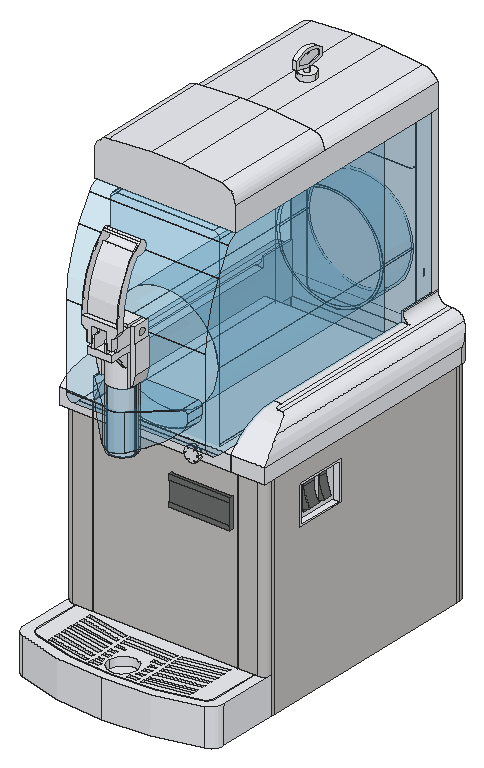
Revit family "QF_ELECTROLUXPROFESSIONAL_560104_SP1NewUVUK", category Specialty Equipment, Revit 2018
Family settings
  Round Connector Dimension = Use Diameter
  Part Type = Normal
  Work Plane-Based = No
  Always vertical = Yes
  Cut with Voids When Loaded = No
  Shared = No
  Room Calculation Point = No
Parameters (values of type "Standard")
  Weight = 28.00 kg
  Watts = 0 W
  Volts = 220 V
  URL Manufacturer = "http://professional.electrolux.com"
  URL = "http://professional.electrolux.com"
  Steam Supply Size = 0 mm
  Steam Supply Minimum Pressure = 0.0 Pa
  Steam Supply Maximum Pressure = 0.0 Pa
  Steam Pounds per Hour = 0
  Refrigeration Suction Line Size = 0 mm
  Refrigeration Liquid Line Size = 0 mm
  Refrigerant Compressor Remote = yes
  Manufacturer = "Electrolux Professional"
  Phase = 1
  Model = "SP1NewUVUK"
  Length Actual = 262 mm  # constant formula
  Item Number = "560104"
  Hot Water Size = 0 mm
  Height Actual = 613 mm  # constant formula
  HP = "0.4 HP"
  Gas Size = 0 mm
  Gas KW = 0
  Gas Input Pressure = 0 W
  Direct Waste Size = 0 mm
  Description = "1x5 LITERS BOWL - FROZEN GRANITA AND FROZEN CREAM DISPENSER -  1 INSULATED BOWL - UV LIGHT - UK"
  Depth Actual = 429 mm  # constant formula
  Cycle = 50 Hz
  Condensate Return Size = 0 mm
  Compressed Air Volume = 0.0 L/s
  Compressed Air Size = 0 mm
  Compressed Air Pressure = 0.0 Pa
  Cold Water Size = 0 mm
  Accessory = yes
Reference planes
  plane 1 "Center (Front/Back)": y = 0
  plane 2 "BASE": z = 0
  plane 3 "Center (Left/Right)": x = 0
  plane 4 "FEET": z = 14
  plane 5 "BACK": y = 212
  plane 6 "LEFT": x = -131
  plane 7 "RIGHT": x = 131
  plane 8: y = 169
  plane 9: y = -118.5
  plane 10 "Erogatore": through (0, -232.305, 334.252) normal (0, -0.5736, 0.8192)
  plane 11: y = -81
  plane 12 "BackButton": z = 362.798
  plane 13 "SlopeBack": through (0, 294.5, 470.764) normal (0, 0.9659, 0.2588)
  plane 14 "TOP": z = 640
  plane 15 "FRONT": y = -216
Forms (mm)
  Extrusion 1, solid, material "QF_Finishes_Rubber Black"
    sketch origin (-29, 0, 0) x (1, 0, 0) y (0, 1, 0)
      loop
        circle (-71, 169) r 12.5
    from 0 to 3
  Blend 2, solid
    base sketch origin (-29, 0, 0) x (1, 0, 0) y (0, 1, 0)
      loop
        circle (-71, 169) r 15.5
    top sketch origin (-29, 0, 0) x (1, 0, 0) y (0, 1, 0)
      loop
        circle (-71, 169) r 17
    from 3 to 14
  Extrusion 3, solid, material "QF_Finishes_Rubber Black"
    sketch origin (171, 0, 0) x (1, 0, 0) y (0, 1, 0)
      loop
        circle (-71, 169) r 12.5
    from 0 to 3
  Blend 4, solid
    base sketch origin (171, 0, 0) x (1, 0, 0) y (0, 1, 0)
      loop
        circle (-71, 169) r 15.5
    top sketch origin (171, 0, 0) x (1, 0, 0) y (0, 1, 0)
      loop
        circle (-71, 169) r 17
    from 3 to 14
  Extrusion 5, solid, material "QF_Finishes_Rubber Black"
    sketch origin (171, -267.5, 0) x (1, 0, 0) y (0, 1, 0)
      loop
        circle (-71, 186.5) r 12.5
    from 0 to 3
  Blend 6, solid
    base sketch origin (171, -267.5, 0) x (1, 0, 0) y (0, 1, 0)
      loop
        circle (-71, 186.5) r 15.5
    top sketch origin (171, -267.5, 0) x (1, 0, 0) y (0, 1, 0)
      loop
        circle (-71, 186.5) r 17
    from 3 to 14
  Extrusion 7, solid, material "QF_Finishes_Rubber Black"
    sketch origin (-29, -267.5, 0) x (1, 0, 0) y (0, 1, 0)
      loop
        circle (-71, 186.5) r 12.5
    from 0 to 3
  Blend 8, solid
    base sketch origin (-29, -267.5, 0) x (1, 0, 0) y (0, 1, 0)
      loop
        circle (-71, 186.5) r 15.5
    top sketch origin (-29, -267.5, 0) x (1, 0, 0) y (0, 1, 0)
      loop
        circle (-71, 186.5) r 17
    from 3 to 14
  Extrusion 9, solid, material "Glass"
    sketch origin (0, 212, 0) x (-1, 0, 0) y (0, 0, 1)
      loop
        circle (0, 394.542) r 65
      loop
        circle (0, 394.542) r 68
    from -59.276 to -10
  Extrusion 10, solid, material "QF_Finishes_White"
    sketch origin (0.189, -212, -123.048) x (-1, 0, 0) y (0, 0, 1)
      loop
        line (41.631, 426.74) -> (42.799, 423.85)
        arc (42.799, 423.85) -> (41.998, 423.46) -> (41.26, 422.962) r 6.382
        line (41.26, 422.962) -> (39.342, 425.418)
        arc (39.342, 425.418) -> (36.964, 422.682) -> (35.784, 419.255) r 9.498
        line (35.784, 419.255) -> (38.87, 418.821)
        arc (38.87, 418.821) -> (38.808, 417.933) -> (38.87, 417.045) r 6.382
        line (38.87, 417.045) -> (35.784, 416.611)
        arc (35.784, 416.611) -> (36.964, 413.184) -> (39.342, 410.449) r 9.498
        line (39.342, 410.449) -> (41.26, 412.904)
        arc (41.26, 412.904) -> (41.998, 412.406) -> (42.799, 412.016) r 6.382
        line (42.799, 412.016) -> (41.631, 409.127)
        arc (41.631, 409.127) -> (45.189, 408.435) -> (48.747, 409.127) r 9.498
        line (48.747, 409.127) -> (47.58, 412.016)
        arc (47.58, 412.016) -> (48.38, 412.406) -> (49.118, 412.904) r 6.382
        line (49.118, 412.904) -> (51.037, 410.449)
        arc (51.037, 410.449) -> (53.415, 413.184) -> (54.595, 416.611) r 9.498
        line (54.595, 416.611) -> (51.509, 417.045)
        arc (51.509, 417.045) -> (51.571, 417.933) -> (51.509, 418.821) r 6.382
        line (51.509, 418.821) -> (54.595, 419.255)
        arc (54.595, 419.255) -> (53.415, 422.682) -> (51.037, 425.418) r 9.498
        line (51.037, 425.418) -> (49.118, 422.962)
        arc (49.118, 422.962) -> (48.38, 423.46) -> (47.58, 423.85) r 6.382
        line (47.58, 423.85) -> (48.747, 426.74)
        arc (48.747, 426.74) -> (45.189, 427.431) -> (41.631, 426.74) r 9.498
    from 86.951 to 91.847
  Extrusion 11, solid, material "QF_Finishes_White"
    sketch origin (0, 48.357, 801) x (-1, 0, 0) y (0, -1, 0)
      loop
        circle (0, 226.958) r 15.5
    from -371.98 to -493
  Extrusion 12, solid, material "Glass"
    sketch origin (0, 48.357, 801) x (-1, 0, 0) y (0, -1, 0)
      loop
        circle (0, 226.958) r 18
      loop
        circle (0, 226.958) r 16
    from -413.102 to -493
  Extrusion 13, solid, material "QF_Finishes_White"
    sketch origin (0, 48.357, 801) x (-1, 0, 0) y (0, -1, 0)
      loop
        arc (-15.227, 216.452) -> (0, 208.458) -> (15.227, 216.452) r 18.5
        line (15.227, 216.452) -> (15.227, 237.464)
        arc (15.227, 237.464) -> (0, 245.458) -> (-15.227, 237.464) r 18.5
        line (-15.227, 237.464) -> (-15.227, 216.452)
    from -371.98 to -413.102
  Extrusion 14, solid, material "QF_Finishes_White"
    sketch origin (0, 55.382, 805.556) x (-1, 0, 0) y (0, -1, 0)
      loop
        line (15.227, 271.382) -> (-15.227, 271.382) -> (-15.227, 213.658) -> (15.227, 213.658) -> (15.227, 271.382)
    from -368.017 to -376.536
  Extrusion 15, solid, material "QF_Finishes_White"
    sketch origin (0, 53.382, -125.444) x (0, 1, 0) y (0, 0, 1)
      loop
        line (-261.382, 594.51) -> (-261.382, 596.294)
        arc (-261.382, 596.294) -> (-255.05, 633.384) -> (-236.771, 666.272) r 111.793
        arc (-236.771, 666.272) -> (-224.219, 671.737) -> (-234.339, 680.956) r 8.155
        arc (-234.339, 680.956) -> (-260.275, 642.108) -> (-269.382, 596.294) r 119.793
        line (-269.382, 596.294) -> (-269.382, 594.51) -> (-261.382, 594.51)
    from 23.02 to -23.02
  Extrusion 16, void
    sketch origin (0, -212, -130.102) x (-1, 0, 0) y (0, 0, 1)
      loop
        line (-23.02, 594.51) -> (-23.02, 567.641) -> (-15.227, 567.641) -> (-15.227, 586.659)
        arc (-15.227, 586.659) -> (-20.449, 589.269) -> (-23.02, 594.51) r 9.122
      loop
        arc (23.02, 594.51) -> (20.449, 589.269) -> (15.227, 586.659) r 9.122
        line (15.227, 586.659) -> (15.227, 567.641) -> (23.02, 567.641) -> (23.02, 594.51)
      loop
        line (-10.018, 592.641) -> (-10.018, 567.641) -> (9.982, 567.641) -> (9.982, 592.641) -> (-10.018, 592.641)
    from 4 to -4
  Extrusion 17, void
    sketch origin (0, 53.382, -125.444) x (0, 1, 0) y (0, 0, 1)
      loop
        arc (-238.506, 676.569) -> (-261.397, 639.298) -> (-269.382, 596.294) r 119.793
        line (-269.382, 596.294) -> (-262.382, 596.294)
        arc (-262.382, 596.294) -> (-255.831, 634.173) -> (-236.94, 667.653) r 112.793
        arc (-236.94, 667.653) -> (-225.218, 674.307) -> (-238.506, 676.569) r 7.155
    from 22 to -22
  Extrusion 18, solid, material "QF_Finishes_White"
    sketch origin (-131, 53.382, -125.444) x (0, 1, 0) y (0, 0, 1)
      loop
        line (-261.382, 596.294) -> (-269.382, 596.294) -> (-269.382, 567.641) -> (-261.382, 567.641) -> (-261.382, 596.294)
    from 154.02 to 107.98
  Extrusion 19, solid, material "QF_Finishes_White"
    sketch origin (-131, 55.382, -130.102) x (0, 1, 0) y (0, 0, 1)
      loop
        line (-263.382, 567.641) -> (-223.382, 567.641) -> (-223.382, 587.641) -> (-256.513, 587.641)
        arc (-256.513, 587.641) -> (-261.37, 589.653) -> (-263.382, 594.51) r 6.869
        line (-263.382, 594.51) -> (-263.382, 567.641)
    from 115.773 to 107.98
  Extrusion 20, solid, material "QF_Finishes_White"
    sketch origin (-131, 55.382, -130.102) x (0, 1, 0) y (0, 0, 1)
      loop
        line (-263.382, 567.641) -> (-224.483, 567.641) -> (-224.483, 587.641) -> (-256.513, 587.641)
        arc (-256.513, 587.641) -> (-261.37, 589.653) -> (-263.382, 594.51) r 6.869
        line (-263.382, 594.51) -> (-263.382, 567.641)
    from 115.773 to 121.018
  Extrusion 21, solid, material "QF_Finishes_White"
    sketch origin (-131, 55.382, -125.444) x (0, 1, 0) y (0, 0, 1)
      loop
        line (-248.575, 539.464) -> (-246.902, 539.464) -> (-246.902, 554.464) -> (-261.615, 554.464) -> (-248.575, 539.464)
    from 115.773 to 118.85
  Extrusion 22, solid, material "QF_Finishes_White"
    sketch origin (-131, 55.382, -125.444) x (0, 1, 0) y (0, 0, 1)
      loop
        line (-246.902, 554.464) -> (-261.615, 554.464) -> (-248.575, 539.464) -> (-246.902, 539.464) -> (-246.902, 554.464)
    from 143.221 to 146.227
  Extrusion 23, solid, material "QF_Finishes_White"
    sketch origin (-131, 55.382, -125.444) x (0, 1, 0) y (0, 0, 1)
      loop
        line (-263.382, 562.983) -> (-224.483, 562.983) -> (-224.483, 582.983) -> (-256.513, 582.983)
        arc (-256.513, 582.983) -> (-261.37, 584.995) -> (-263.382, 589.852) r 6.869
        line (-263.382, 589.852) -> (-263.382, 562.983)
    from 141.018 to 146.227
  Extrusion 24, solid, material "QF_Finishes_White"
    sketch origin (-131, 53.382, -130.102) x (0, 1, 0) y (0, 0, 1)
      loop
        line (-269.382, 567.641) -> (-221.382, 567.641) -> (-221.382, 586.659) -> (-258.382, 586.659)
        arc (-258.382, 586.659) -> (-260.503, 585.78) -> (-261.382, 583.659) r 3
        line (-261.382, 583.659) -> (-261.382, 582.15) -> (-266.382, 582.15)
        arc (-266.382, 582.15) -> (-268.503, 581.271) -> (-269.382, 579.15) r 3
        line (-269.382, 579.15) -> (-269.382, 567.641)
    from 124.546 to 121.018
  Extrusion 25, solid, material "QF_Finishes_White"
    sketch origin (-131, 65.803, -125.444) x (0, 1, 0) y (0, 0, 1)
      loop
        line (-281.803, 562.983) -> (-234.904, 562.983) -> (-234.904, 582.001) -> (-270.803, 582.001)
        arc (-270.803, 582.001) -> (-272.924, 581.122) -> (-273.803, 579.001) r 3
        line (-273.803, 579.001) -> (-273.803, 577.492) -> (-278.803, 577.492)
        arc (-278.803, 577.492) -> (-280.924, 576.613) -> (-281.803, 574.492) r 3
        line (-281.803, 574.492) -> (-281.803, 562.983)
    from 137.49 to 141.018
  Extrusion 26, solid, material "QF_Finishes_White"
    sketch origin (0, -212, -125.444) x (-1, 0, 0) y (0, 0, 1)
      loop
        line (-18, 517.898) -> (-18, 586.659) -> (-23.482, 586.659) -> (-23.482, 567.641) -> (-24.969, 567.641) -> (-24.969, 530.88) -> (-21, 517.898) -> (-18, 517.898)
      loop
        line (18, 517.898) -> (21, 517.898) -> (24.969, 530.88) -> (24.969, 567.641) -> (23.482, 567.641) -> (23.482, 586.659) -> (18, 586.659) -> (18, 517.898)
    from 43.905 to 22.893
  Extrusion 27, solid, material "QF_Finishes_White"
    sketch origin (0, 65.803, 805.556) x (-1, 0, 0) y (0, -1, 0)
      loop
        line (-15.227, 254.91) -> (-15.227, 233.898) -> (15.227, 233.898) -> (15.227, 254.91) -> (-15.227, 254.91)
    from -344.341 to -348.017
  Extrusion 28, void
    sketch origin (0, 56.778, -130) x (0, 1, 0) y (0, 0, 1)
      loop
        circle (-234.353, 582.005) r 3.978
    from 24.969 to -24.969
  Extrusion 29, solid, material "QF_Finishes_Stainless Steel"
    sketch origin (0, 56.226, -130) x (0, 1, 0) y (0, 0, 1)
      loop
        circle (-234.353, 582.005) r 3.978
    from 24 to -24
  Extrusion 30, solid, material "QF_Finishes_Stainless Steel"
    sketch origin (140, 25, 14) x (-1, 0, 0) y (0, -1, 0)
      loop
        circle (71, 81) r 10
    from 0 to -10
  Extrusion 31, void
    sketch origin (0, 240.916, -140) x (0, 0, 1) y (-1, 0, 0)
      loop
        line (496.312, -81.169) -> (519.521, -81.169)
        arc (519.521, -81.169) -> (523.021, -77.669) -> (519.521, -74.169) r 3.5
        line (519.521, -74.169) -> (496.312, -74.169)
        arc (496.312, -74.169) -> (492.812, -77.669) -> (496.312, -81.169) r 3.5
    from 28.916 to 38.079
  Extrusion 32, solid, material "QF_Finishes_Red"
    sketch origin (0, 240.916, -140) x (0, 0, 1) y (-1, 0, 0)
      loop
        line (507.945, -79.669) -> (517.521, -79.669) -> (517.521, -75.669) -> (507.945, -75.669) -> (507.945, -79.669)
    from 32.664 to 38.079
  Extrusion 33, solid, material "QF_Finishes_Stainless Steel"
    sketch origin (131, 0, 0) x (0, -1, 0) y (0, 0, 1)
      loop
        line (-195.256, 14) -> (96.764, 14) -> (96.764, 286) -> (-195.256, 286) -> (-195.256, 14)
      loop
        line (55.71, 260.287) -> (-9.29, 260.287) -> (-9.29, 210.287) -> (55.71, 210.287) -> (55.71, 260.287)
    from 6 to 3
  Extrusion 34, solid, material "QF_Finishes_Stainless Steel"
    sketch origin (-133, 0, 0) x (0, -1, 0) y (0, 0, -1)
      loop
        line (-195.256, -14) -> (-195.256, -286) -> (96.764, -286) -> (96.764, -14) -> (-195.256, -14)
    from 8 to 5
  Extrusion 35, solid, material "QF_Finishes_Stainless Steel"
    sketch origin (0, 0, 14) x (-1, 0, 0) y (0, -1, 0)
      loop
        line (-128, 100.829) -> (-128, 96.764) -> (-125, 96.764) -> (-125, 100.829)
        arc (-125, 100.829) -> (-122.95, 105.778) -> (-118, 107.829) r 7
        line (-118, 107.829) -> (-93.157, 107.829) -> (-93.157, 110.829) -> (-118, 110.829)
        arc (-118, 110.829) -> (-125.071, 107.9) -> (-128, 100.829) r 10
    from 0 to 272
  Extrusion 36, solid, material "QF_Finishes_Stainless Steel"
    sketch origin (0, 0, 14) x (1, 0, 0) y (0, 1, 0)
      loop
        arc (-128, -100.829) -> (-125.071, -107.9) -> (-118, -110.829) r 10
        line (-118, -110.829) -> (-93.157, -110.829) -> (-93.157, -107.829) -> (-118, -107.829)
        arc (-118, -107.829) -> (-122.95, -105.778) -> (-125, -100.829) r 7
        line (-125, -100.829) -> (-125, -96.764) -> (-128, -96.764) -> (-128, -100.829)
    from 0 to 272
  Extrusion 37, solid, material "QF_Finishes_Stainless Steel"
    sketch origin (0, 98.492, 14) x (-1, 0, 0) y (0, -1, 0)
      loop
        arc (-128, -100.829) -> (-125.071, -107.9) -> (-118, -110.829) r 10
        line (-118, -110.829) -> (-93.157, -110.829) -> (-93.157, -107.829) -> (-118, -107.829)
        arc (-118, -107.829) -> (-122.95, -105.778) -> (-125, -100.829) r 7
        line (-125, -100.829) -> (-125, -96.764) -> (-128, -96.764) -> (-128, -100.829)
    from 0 to 272
  Extrusion 38, solid, material "QF_Finishes_Stainless Steel"
    sketch origin (0, 98.492, 14) x (1, 0, 0) y (0, 1, 0)
      loop
        line (-128, 100.829) -> (-128, 96.764) -> (-125, 96.764) -> (-125, 100.829)
        arc (-125, 100.829) -> (-122.95, 105.778) -> (-118, 107.829) r 7
        line (-118, 107.829) -> (-93.157, 107.829) -> (-93.157, 110.829) -> (-118, 110.829)
        arc (-118, 110.829) -> (-125.071, 107.9) -> (-128, 100.829) r 10
    from 0 to 272
  Extrusion 39, solid, material "QF_Finishes_White"
    sketch origin (0, 0, 14) x (-1, 0, 0) y (0, -1, 0)
      loop
        line (93.157, -209.321) -> (93.157, -206.321) -> (-93.157, -206.321) -> (-93.157, -209.321) -> (93.157, -209.321)
    from 0 to 272
  Extrusion 40, solid, material "QF_Finishes_Stainless Steel"
    sketch origin (0, 0, 14) x (-1, 0, 0) y (0, -1, 0)
      loop
        line (93.157, 107.829) -> (93.157, 110.829) -> (-93.157, 110.829) -> (-93.157, 107.829) -> (93.157, 107.829)
    from 0 to 272
  Extrusion 41, solid, material "QF_Finishes_White"
    sketch origin (0, 212, 0) x (-1, 0, 0) y (0, 0, 1)
      loop
        line (-88, 286) -> (-88, 351) -> (-90.028, 351) -> (-90.028, 349.598)
        arc (-90.028, 349.598) -> (-93.627, 340.909) -> (-102.317, 337.309) r 12.289
        line (-102.317, 337.309) -> (-109.296, 337.309)
        arc (-109.296, 337.309) -> (-117.695, 334.961) -> (-123.658, 328.597) r 16.194
        arc (-123.658, 328.597) -> (-129.118, 317.88) -> (-131, 306) r 38.445
        line (-131, 306) -> (-131, 286) -> (-88, 286)
      loop
        line (88, 286) -> (131, 286) -> (131, 306)
        arc (131, 306) -> (129.118, 317.88) -> (123.658, 328.597) r 38.445
        arc (123.658, 328.597) -> (117.695, 334.961) -> (109.296, 337.309) r 16.194
        line (109.296, 337.309) -> (102.317, 337.309)
        arc (102.317, 337.309) -> (93.627, 340.909) -> (90.028, 349.598) r 12.289
        line (90.028, 349.598) -> (90.028, 351) -> (88, 351) -> (88, 286)
    from 0 to -327.977
  Extrusion 42, void
    sketch origin (0, 0, 0) x (0, 1, 0) y (0, 0, 1)
      loop
        line (157, 351) -> (-115.977, 351) -> (-115.977, 306)
        arc (-115.977, 306) -> (-85.566, 329.6) -> (-48, 338) r 88.201
        line (-48, 338) -> (157, 338) -> (157, 351)
    from -135 to 135
  Extrusion 43, solid, material "Glass"
    sketch origin (0, 212, 0) x (-1, 0, 0) y (0, 0, 1)
      loop
        circle (0, 394.542) r 68
      loop
        line (69.972, 309) -> (69.972, 543)
        arc (69.972, 543) -> (67.629, 548.657) -> (61.972, 551) r 8
        line (61.972, 551) -> (-62.028, 551)
        arc (-62.028, 551) -> (-67.685, 548.657) -> (-70.028, 543) r 8
        line (-70.028, 543) -> (-70.028, 308.956)
        arc (-70.028, 308.956) -> (-67.698, 303.33) -> (-62.072, 301) r 7.956
        line (-62.072, 301) -> (61.972, 301)
        arc (61.972, 301) -> (67.629, 303.343) -> (69.972, 309) r 8
    from -59.276 to -322.829
  Extrusion 44, solid, material "QF_Finishes_White"
    sketch origin (0, 212, 0) x (-1, 0, 0) y (0, 0, 1)
      loop
        line (90.028, 558.048) -> (90.028, 589.456)
        arc (90.028, 589.456) -> (84.981, 602.738) -> (72.387, 609.316) r 20
        arc (72.387, 609.316) -> (44.744, 611.967) -> (17.01, 613.364) r 613.713
        arc (17.01, 613.364) -> (-1.88, 613.597) -> (-20.769, 613.248) r 613.713
        arc (-20.769, 613.248) -> (-46.619, 611.827) -> (-72.387, 609.316) r 613.713
        arc (-72.387, 609.316) -> (-84.981, 602.738) -> (-90.028, 589.456) r 20
        line (-90.028, 589.456) -> (-90.028, 558.048) -> (90.028, 558.048)
    from -323 to 0
  Extrusion 45, solid, material "QF_Finishes_White"
    sketch origin (0, -212, 0) x (-1, 0, 0) y (0, 0, 1)
      loop
        line (88, 306) -> (-88, 306) -> (-88, 286) -> (88, 286) -> (88, 306)
    from 96.023 to 369
  Extrusion 46, solid, material "QF_Finishes_White"
    sketch origin (-0.189, -212, -123.048) x (1, 0, 0) y (0, 0, -1)
      loop
        arc (41.631, -426.74) -> (45.189, -427.431) -> (48.747, -426.74) r 9.498
        line (48.747, -426.74) -> (47.58, -423.85)
        arc (47.58, -423.85) -> (48.38, -423.46) -> (49.118, -422.962) r 6.382
        line (49.118, -422.962) -> (51.037, -425.418)
        arc (51.037, -425.418) -> (53.415, -422.682) -> (54.595, -419.255) r 9.498
        line (54.595, -419.255) -> (51.509, -418.821)
        arc (51.509, -418.821) -> (51.571, -417.933) -> (51.509, -417.045) r 6.382
        line (51.509, -417.045) -> (54.595, -416.611)
        arc (54.595, -416.611) -> (53.415, -413.184) -> (51.037, -410.449) r 9.498
        line (51.037, -410.449) -> (49.118, -412.904)
        arc (49.118, -412.904) -> (48.38, -412.406) -> (47.58, -412.016) r 6.382
        line (47.58, -412.016) -> (48.747, -409.127)
        arc (48.747, -409.127) -> (45.189, -408.435) -> (41.631, -409.127) r 9.498
        line (41.631, -409.127) -> (42.799, -412.016)
        arc (42.799, -412.016) -> (41.998, -412.406) -> (41.26, -412.904) r 6.382
        line (41.26, -412.904) -> (39.342, -410.449)
        arc (39.342, -410.449) -> (36.964, -413.184) -> (35.784, -416.611) r 9.498
        line (35.784, -416.611) -> (38.87, -417.045)
        arc (38.87, -417.045) -> (38.808, -417.933) -> (38.87, -418.821) r 6.382
        line (38.87, -418.821) -> (35.784, -419.255)
        arc (35.784, -419.255) -> (36.964, -422.682) -> (39.342, -425.418) r 9.498
        line (39.342, -425.418) -> (41.26, -422.962)
        arc (41.26, -422.962) -> (41.998, -423.46) -> (42.799, -423.85) r 6.382
        line (42.799, -423.85) -> (41.631, -426.74)
    from 86.951 to 91.847
  Extrusion 47, solid, material "QF_Finishes_Rubber Black"
    sketch origin (0, 0, 0) x (0, 1, 0) y (0, 0, 1)
      loop
        line (-110.829, 255.595) -> (-115.977, 255.595) -> (-115.977, 249.595) -> (-115.179, 249.595) -> (-115.179, 223.805) -> (-115.977, 223.805) -> (-115.977, 217.805) -> (-110.829, 217.805) -> (-110.829, 255.595)
    from 8.945 to 86.168
  Extrusion 48, solid, material "QF_Finishes_White"
    sketch origin (0, 0, 14) x (-1, 0, 0) y (0, -1, 0)
      loop
        line (128, 100.829) -> (128, 176.764)
        arc (128, 176.764) -> (124.847, 186.764) -> (116.528, 193.147) r 17.434
        arc (116.528, 193.147) -> (59.156, 208.086) -> (0, 212) r 314.7
        arc (0, 212) -> (-59.156, 208.086) -> (-116.528, 193.147) r 314.7
        arc (-116.528, 193.147) -> (-124.847, 186.764) -> (-128, 176.764) r 17.434
        line (-128, 176.764) -> (-128, 100.829)
        arc (-128, 100.829) -> (-125.071, 107.9) -> (-118, 110.829) r 10
        line (-118, 110.829) -> (-114, 110.829) -> (-114, 172.813)
        arc (-114, 172.813) -> (-111.75, 179.808) -> (-105.843, 184.18) r 12
        arc (-105.843, 184.18) -> (-53.626, 196.802) -> (0, 199.995) r 302.7
        arc (0, 199.995) -> (53.626, 196.802) -> (105.843, 184.18) r 302.7
        arc (105.843, 184.18) -> (111.75, 179.808) -> (114, 172.813) r 12
        line (114, 172.813) -> (114, 110.829) -> (118, 110.829)
        arc (118, 110.829) -> (125.071, 107.9) -> (128, 100.829) r 10
    from 0 to 47
  Extrusion 49, solid, material "QF_Finishes_White"
    sketch origin (0, 0, 14) x (-1, 0, 0) y (0, -1, 0)
      loop
        arc (114, 172.813) -> (111.75, 179.808) -> (105.843, 184.18) r 12
        arc (105.843, 184.18) -> (53.626, 196.802) -> (0, 199.995) r 302.7
        arc (0, 199.995) -> (-53.626, 196.802) -> (-105.843, 184.18) r 302.7
        arc (-105.843, 184.18) -> (-111.75, 179.808) -> (-114, 172.813) r 12
        line (-114, 172.813) -> (-114, 110.829) -> (114, 110.829) -> (114, 172.813)
    from 36.6 to 47
  Extrusion 50, solid, material "QF_Finishes_White"
    sketch origin (0, 0, 14) x (-1, 0, 0) y (0, -1, 0)
      loop
        arc (114, 172.813) -> (111.75, 179.808) -> (105.843, 184.18) r 12
        arc (105.843, 184.18) -> (53.626, 196.802) -> (0, 199.995) r 302.7
        arc (0, 199.995) -> (-53.626, 196.802) -> (-105.843, 184.18) r 302.7
        arc (-105.843, 184.18) -> (-111.75, 179.808) -> (-114, 172.813) r 12
        line (-114, 172.813) -> (-114, 110.829) -> (114, 110.829) -> (114, 172.813)
    from 0 to 10
  Extrusion 51, void
    sketch origin (0, 0, 14) x (-1, 0, 0) y (0, -1, 0)
      loop
        circle (0, 178.601) r 18.039
      loop
        line (35.093, 193.971) -> (35.093, 188.951)
        arc (35.093, 188.951) -> (62.934, 185.094) -> (90.277, 178.584) r 292.7
        line (90.277, 178.584) -> (90.277, 183.786)
        arc (90.277, 183.786) -> (62.925, 190.182) -> (35.093, 193.971) r 297.7
      loop
        line (35.093, 183.971) -> (35.093, 178.951)
        arc (35.093, 178.951) -> (62.934, 175.094) -> (90.277, 168.584) r 292.7
        line (90.277, 168.584) -> (90.277, 173.786)
        arc (90.277, 173.786) -> (62.925, 180.182) -> (35.093, 183.971) r 297.7
      loop
        line (35.093, 173.971) -> (35.093, 168.951)
        arc (35.093, 168.951) -> (62.934, 165.094) -> (90.277, 158.584) r 292.7
        line (90.277, 158.584) -> (90.277, 163.786)
        arc (90.277, 163.786) -> (62.925, 170.182) -> (35.093, 173.971) r 297.7
      loop
        line (35.093, 163.971) -> (35.093, 158.951)
        arc (35.093, 158.951) -> (62.934, 155.094) -> (90.277, 148.584) r 292.7
        line (90.277, 148.584) -> (90.277, 153.786)
        arc (90.277, 153.786) -> (62.925, 160.182) -> (35.093, 163.971) r 297.7
      loop
        line (35.093, 153.971) -> (35.093, 148.951)
        arc (35.093, 148.951) -> (62.934, 145.094) -> (90.277, 138.584) r 292.7
        line (90.277, 138.584) -> (90.277, 143.786)
        arc (90.277, 143.786) -> (62.925, 150.182) -> (35.093, 153.971) r 297.7
      loop
        line (35.093, 143.971) -> (35.093, 138.951)
        arc (35.093, 138.951) -> (62.934, 135.094) -> (90.277, 128.584) r 292.7
        line (90.277, 128.584) -> (90.277, 133.786)
        arc (90.277, 133.786) -> (62.925, 140.182) -> (35.093, 143.971) r 297.7
      loop
        line (35.093, 133.971) -> (35.093, 128.951)
        arc (35.093, 128.951) -> (62.934, 125.094) -> (90.277, 118.584) r 292.7
        line (90.277, 118.584) -> (90.277, 123.786)
        arc (90.277, 123.786) -> (62.925, 130.182) -> (35.093, 133.971) r 297.7
      loop
        arc (-35.093, 193.971) -> (-62.925, 190.182) -> (-90.277, 183.786) r 297.7
        line (-90.277, 183.786) -> (-90.277, 178.584)
        arc (-90.277, 178.584) -> (-62.934, 185.094) -> (-35.093, 188.951) r 292.7
        line (-35.093, 188.951) -> (-35.093, 193.971)
      loop
        arc (-35.093, 183.971) -> (-62.925, 180.182) -> (-90.277, 173.786) r 297.7
        line (-90.277, 173.786) -> (-90.277, 168.584)
        arc (-90.277, 168.584) -> (-62.934, 175.094) -> (-35.093, 178.951) r 292.7
        line (-35.093, 178.951) -> (-35.093, 183.971)
      loop
        arc (-35.093, 173.971) -> (-62.925, 170.182) -> (-90.277, 163.786) r 297.7
        line (-90.277, 163.786) -> (-90.277, 158.584)
        arc (-90.277, 158.584) -> (-62.934, 165.094) -> (-35.093, 168.951) r 292.7
        line (-35.093, 168.951) -> (-35.093, 173.971)
      loop
        arc (-35.093, 163.971) -> (-62.925, 160.182) -> (-90.277, 153.786) r 297.7
        line (-90.277, 153.786) -> (-90.277, 148.584)
        arc (-90.277, 148.584) -> (-62.934, 155.094) -> (-35.093, 158.951) r 292.7
        line (-35.093, 158.951) -> (-35.093, 163.971)
      loop
        arc (-35.093, 153.971) -> (-62.925, 150.182) -> (-90.277, 143.786) r 297.7
        line (-90.277, 143.786) -> (-90.277, 138.584)
        arc (-90.277, 138.584) -> (-62.934, 145.094) -> (-35.093, 148.951) r 292.7
        line (-35.093, 148.951) -> (-35.093, 153.971)
      loop
        arc (-35.093, 143.971) -> (-62.925, 140.182) -> (-90.277, 133.786) r 297.7
        line (-90.277, 133.786) -> (-90.277, 128.584)
        arc (-90.277, 128.584) -> (-62.934, 135.094) -> (-35.093, 138.951) r 292.7
        line (-35.093, 138.951) -> (-35.093, 143.971)
      loop
        arc (-35.093, 133.971) -> (-62.925, 130.182) -> (-90.277, 123.786) r 297.7
        line (-90.277, 123.786) -> (-90.277, 118.584)
        arc (-90.277, 118.584) -> (-62.934, 125.094) -> (-35.093, 128.951) r 292.7
        line (-35.093, 128.951) -> (-35.093, 133.971)
      loop
        arc (30.3, 194.288) -> (24.151, 194.546) -> (18, 194.745) r 649.216
        line (18, 194.745) -> (18, 189.743)
        arc (18, 189.743) -> (24.151, 189.542) -> (30.3, 189.282) r 644.216
        line (30.3, 189.282) -> (30.3, 194.288)
      loop
        line (-30.3, 194.288) -> (-30.3, 189.282)
        arc (-30.3, 189.282) -> (-24.151, 189.542) -> (-18, 189.743) r 644.216
        line (-18, 189.743) -> (-18, 194.745)
        arc (-18, 194.745) -> (-24.151, 194.546) -> (-30.3, 194.288) r 649.216
      loop
        arc (30.3, 184.288) -> (25.651, 184.488) -> (21, 184.655) r 649.216
        line (21, 184.655) -> (21, 179.653)
        arc (21, 179.653) -> (25.651, 179.484) -> (30.3, 179.282) r 644.216
        line (30.3, 179.282) -> (30.3, 184.288)
      loop
        arc (30.3, 174.288) -> (25.651, 174.488) -> (21, 174.655) r 649.216
        line (21, 174.655) -> (21, 169.653)
        arc (21, 169.653) -> (25.651, 169.484) -> (30.3, 169.282) r 644.216
        line (30.3, 169.282) -> (30.3, 174.288)
      loop
        arc (30.3, 164.288) -> (25.651, 164.488) -> (21, 164.655) r 649.216
        line (21, 164.655) -> (21, 159.653)
        arc (21, 159.653) -> (25.651, 159.484) -> (30.3, 159.282) r 644.216
        line (30.3, 159.282) -> (30.3, 164.288)
      loop
        arc (30.3, 154.288) -> (23.411, 154.573) -> (16.519, 154.785) r 649.216
        line (16.519, 154.785) -> (16.519, 149.783)
        arc (16.519, 149.783) -> (23.411, 149.569) -> (30.3, 149.282) r 644.216
        line (30.3, 149.282) -> (30.3, 154.288)
      loop
        arc (30.3, 144.288) -> (0, 144.995) -> (-30.3, 144.288) r 649.216
        line (-30.3, 144.288) -> (-30.3, 139.282)
        arc (-30.3, 139.282) -> (0, 139.995) -> (30.3, 139.282) r 644.216
        line (30.3, 139.282) -> (30.3, 144.288)
      loop
        arc (30.3, 134.288) -> (0, 134.995) -> (-30.3, 134.288) r 649.216
        line (-30.3, 134.288) -> (-30.3, 129.282)
        arc (-30.3, 129.282) -> (0, 129.995) -> (30.3, 129.282) r 644.216
        line (30.3, 129.282) -> (30.3, 134.288)
      loop
        line (-30.3, 184.288) -> (-30.3, 179.282)
        arc (-30.3, 179.282) -> (-25.651, 179.484) -> (-21, 179.653) r 644.216
        line (-21, 179.653) -> (-21, 184.655)
        arc (-21, 184.655) -> (-25.651, 184.488) -> (-30.3, 184.288) r 649.216
      loop
        line (-30.3, 174.288) -> (-30.3, 169.282)
        arc (-30.3, 169.282) -> (-25.651, 169.484) -> (-21, 169.653) r 644.216
        line (-21, 169.653) -> (-21, 174.655)
        arc (-21, 174.655) -> (-25.651, 174.488) -> (-30.3, 174.288) r 649.216
      loop
        line (-30.3, 164.288) -> (-30.3, 159.282)
        arc (-30.3, 159.282) -> (-25.651, 159.484) -> (-21, 159.653) r 644.216
        line (-21, 159.653) -> (-21, 164.655)
        arc (-21, 164.655) -> (-25.651, 164.488) -> (-30.3, 164.288) r 649.216
      loop
        line (-30.3, 154.288) -> (-30.3, 149.282)
        arc (-30.3, 149.282) -> (-23.411, 149.569) -> (-16.519, 149.783) r 644.216
        line (-16.519, 149.783) -> (-16.519, 154.785)
        arc (-16.519, 154.785) -> (-23.411, 154.573) -> (-30.3, 154.288) r 649.216
    from 31.525 to 49.806
  Extrusion 52, solid, material "QF_Finishes_White"
    sketch origin (0, 0, 0) x (0, 1, 0) y (0, 0, 1)
      loop
        line (-55.71, 260.287) -> (-55.71, 210.287) -> (9.29, 210.287) -> (9.29, 260.287) -> (-55.71, 260.287)
    from 118 to 128
  Extrusion 53, void
    sketch origin (0, 0, 0) x (0, 1, 0) y (0, 0, 1)
      loop
        line (-53.71, 258.287) -> (-53.71, 212.287) -> (7.29, 212.287) -> (7.29, 258.287) -> (-53.71, 258.287)
    from 120 to 128
  Extrusion 54, solid, material "QF_Finishes_Rubber Black"
    sketch origin (0, -212, 0) x (-1, 0, 0) y (0, 0, 1)
      loop
        line (-120, 252.561) -> (-122.245, 252.561) -> (-122.245, 249.661)
        arc (-122.245, 249.661) -> (-124.002, 237.136) -> (-129.137, 225.577) r 45.529
        line (-129.137, 225.577) -> (-122.245, 222.509) -> (-122.245, 220.4) -> (-120, 220.4) -> (-120, 252.561)
    from 185 to 170
  Extrusion 55, solid, material "QF_Finishes_Rubber Black"
    sketch origin (0, -212, 0) x (-1, 0, 0) y (0, 0, 1)
      loop
        line (-120, 252.561) -> (-122.245, 252.561) -> (-122.245, 249.661)
        arc (-122.245, 249.661) -> (-124.002, 237.136) -> (-129.137, 225.577) r 45.529
        line (-129.137, 225.577) -> (-122.245, 222.509) -> (-122.245, 220.4) -> (-120, 220.4) -> (-120, 252.561)
    from 205 to 195
  Extrusion 56, solid, material "QF_Finishes_White"
    sketch origin (-131, 55.382, -125.444) x (0, 1, 0) y (0, 0, 1)
      loop
        line (-261.615, 554.464) -> (-248.575, 539.464) -> (-246.902, 539.464) -> (-246.902, 554.464) -> (-261.615, 554.464)
    from 143.221 to 146.227
  Extrusion 57, void
    sketch origin (0, 0, 14) x (-1, 0, 0) y (0, -1, 0)
      loop
        line (68.799, 141.983) -> (68.799, 216) -> (-68.799, 216) -> (-68.799, 141.983) -> (-14.053, 193.527)
        arc (-14.053, 193.527) -> (0, 199.101) -> (14.053, 193.527) r 20.5
        line (14.053, 193.527) -> (68.799, 141.983)
    from 285.914 to 353.792
  Extrusion 58, solid, material "Glass"
    sketch origin (0, -212, 0) x (-1, 0, 0) y (0, 0, 1)
      loop
        line (55, 361.368) -> (-55, 361.368)
        arc (-55, 361.368) -> (-58.536, 359.903) -> (-60, 356.368) r 5
        line (-60, 356.368) -> (-60, 346.588)
        arc (-60, 346.588) -> (-58.765, 340.628) -> (-55.264, 335.649) r 15
        arc (-55.264, 335.649) -> (0, 313.78) -> (55.264, 335.649) r 80.762
        arc (55.264, 335.649) -> (58.765, 340.628) -> (60, 346.588) r 15
        line (60, 346.588) -> (60, 356.368)
        arc (60, 356.368) -> (58.536, 359.903) -> (55, 361.368) r 5
    from 85.6 to 6.421
  Extrusion 59, solid, material "QF_Finishes_White"
    sketch origin (0.031, 16.704, -263) x (0, 1, 0) y (0, 0, 1)
      loop
        line (99.092, 881.377) -> (118.655, 885.535) -> (118.655, 895.535)
        arc (118.655, 895.535) -> (99.092, 903) -> (79.529, 895.535) r 29.367
        line (79.529, 895.535) -> (79.529, 885.535) -> (99.092, 881.377)
      loop
        arc (115.655, 894.149) -> (99.092, 900) -> (82.529, 894.149) r 26.367
        line (82.529, 894.149) -> (82.529, 887.965) -> (99.092, 884.444) -> (115.655, 887.965) -> (115.655, 894.149)
    from -3 to 3
  Extrusion 60, solid, material "QF_Finishes_White"
    sketch origin (0.031, 16.704, -263) x (0, 1, 0) y (0, 0, 1)
      loop
        line (115.655, 887.965) -> (115.655, 894.149)
        arc (115.655, 894.149) -> (99.092, 900) -> (82.529, 894.149) r 26.367
        line (82.529, 894.149) -> (82.529, 887.965) -> (99.092, 884.444) -> (115.655, 887.965)
      loop
        circle (99.092, 896.274) r 2.509
    from 1 to -1
  Extrusion 61, solid, material "QF_Finishes_White"
    sketch origin (0.031, 16.704, 667) x (-1, 0, 0) y (0, -1, 0)
      loop
        circle (0, -99.092) r 3
    from -45.737 to -54.525
  Extrusion 62, solid, material "QF_Finishes_White"
    sketch origin (0, -70, 0) x (1, 0, 0) y (0, 1, 0)
      loop
        circle (0.031, 185.796) r 11
    from 606 to 613
  Extrusion 63, solid, material "QF_Clearances", detail levels coarse
    sketch origin (-99.19, 2.341, 0) x (1, 0, 0) y (0, 1, 0)
      loop
        line (-31.81, -218.341) -> (-31.81, 209.659) -> (230.19, 209.659) -> (230.19, -218.341) -> (430.19, -218.341) -> (430.19, 409.659) -> (-231.81, 409.659) -> (-231.81, -218.341) -> (-31.81, -218.341)
    from 0 to 640
  Extrusion 64, solid, material "Glass"
    sketch origin (0, 0, 0) x (0, 1, 0) y (0, 0, 1)
      loop
        arc (-158.276, 334.912) -> (-152.418, 320.769) -> (-138.276, 314.912) r 20
        line (-138.276, 314.912) -> (202, 314.912) -> (202, 558.048) -> (-103.948, 558.048)
        arc (-103.948, 558.048) -> (-114.098, 555.281) -> (-121.44, 547.744) r 20
        line (-121.44, 547.744) -> (-138.215, 517.481)
        arc (-138.215, 517.481) -> (-153.18, 479.972) -> (-158.276, 439.912) r 160
        line (-158.276, 439.912) -> (-158.276, 334.912)
    from -88 to 90.028
  Extrusion 65, void
    sketch origin (0, -212, 0) x (-1, 0, 0) y (0, 0, 1)
      loop
        arc (72.387, 609.316) -> (44.744, 611.967) -> (17.01, 613.364) r 613.713
        arc (17.01, 613.364) -> (-1.88, 613.597) -> (-20.769, 613.248) r 613.713
        arc (-20.769, 613.248) -> (-46.619, 611.827) -> (-72.387, 609.316) r 613.713
        arc (-72.387, 609.316) -> (-84.981, 602.738) -> (-90.028, 589.456) r 20
        arc (-90.028, 589.456) -> (-82.37, 598.235) -> (-71.481, 602.374) r 24
        arc (-71.481, 602.374) -> (-46.047, 604.85) -> (-20.532, 606.252) r 606.713
        arc (-20.532, 606.252) -> (-1.859, 606.597) -> (16.816, 606.367) r 606.713
        arc (16.816, 606.367) -> (44.194, 604.988) -> (71.481, 602.374) r 606.713
        arc (71.481, 602.374) -> (82.37, 598.235) -> (90.028, 589.456) r 24
        arc (90.028, 589.456) -> (84.981, 602.738) -> (72.387, 609.316) r 20
    from 242.859 to 424
  Extrusion 66, solid, material "QF_Finishes_White"
    sketch origin (0, 212, 0) x (-1, 0, 0) y (0, 0, 1)
      loop
        line (-90.028, 558.048) -> (-90.028, 351) -> (-88, 351) -> (-88, 286) -> (88, 286) -> (88, 351) -> (90.028, 351) -> (90.028, 558.048) -> (-90.028, 558.048)
      loop
        arc (61.972, 301) -> (67.629, 303.343) -> (69.972, 309) r 8
        line (69.972, 309) -> (69.972, 543)
        arc (69.972, 543) -> (67.629, 548.657) -> (61.972, 551) r 8
        line (61.972, 551) -> (-62.028, 551)
        arc (-62.028, 551) -> (-67.685, 548.657) -> (-70.028, 543) r 8
        line (-70.028, 543) -> (-70.028, 308.956)
        arc (-70.028, 308.956) -> (-67.698, 303.33) -> (-62.072, 301) r 7.956
        line (-62.072, 301) -> (61.972, 301)
    from 0 to -10
  Extrusion 67, solid, material "QF_Finishes_White"
    sketch origin (0, 212, 0) x (-1, 0, 0) y (0, 0, 1)
      loop
        arc (-70.028, 308.956) -> (-67.698, 303.33) -> (-62.072, 301) r 7.956
        line (-62.072, 301) -> (61.972, 301)
        arc (61.972, 301) -> (67.629, 303.343) -> (69.972, 309) r 8
        line (69.972, 309) -> (69.972, 493.849)
        arc (69.972, 493.849) -> (67.629, 488.193) -> (61.972, 485.849) r 8
        line (61.972, 485.849) -> (-62.028, 485.849)
        arc (-62.028, 485.849) -> (-67.685, 488.193) -> (-70.028, 493.849) r 8
        line (-70.028, 493.849) -> (-70.028, 308.956)
    from 0 to -10
  Extrusion 68, solid, material "QF_Finishes_White"
    sketch origin (0, 212, 0) x (-1, 0, 0) y (0, 0, 1)
      loop
        line (-70.028, 543) -> (-70.028, 493.849)
        arc (-70.028, 493.849) -> (-67.685, 488.193) -> (-62.028, 485.849) r 8
        line (-62.028, 485.849) -> (61.972, 485.849)
        arc (61.972, 485.849) -> (67.629, 488.193) -> (69.972, 493.849) r 8
        line (69.972, 493.849) -> (69.972, 543)
        arc (69.972, 543) -> (67.629, 548.657) -> (61.972, 551) r 8
        line (61.972, 551) -> (-62.028, 551)
        arc (-62.028, 551) -> (-67.685, 548.657) -> (-70.028, 543) r 8
    from 0 to -10
  Extrusion 69, void
    sketch origin (0, 212, 0) x (-1, 0, 0) y (0, 0, 1)
      loop
        arc (-74.482, 439.575) -> (-77.31, 438.403) -> (-78.482, 435.575) r 4
        line (-78.482, 435.575) -> (-78.482, 426.169)
        arc (-78.482, 426.169) -> (-77.31, 423.34) -> (-74.482, 422.169) r 4
        line (-74.482, 422.169) -> (-42.482, 422.169)
        arc (-42.482, 422.169) -> (-39.653, 423.34) -> (-38.482, 426.169) r 4
        line (-38.482, 426.169) -> (-38.482, 435.575)
        arc (-38.482, 435.575) -> (-39.653, 438.403) -> (-42.482, 439.575) r 4
        line (-42.482, 439.575) -> (-74.482, 439.575)
    from 0 to -3.748
  Extrusion 70, solid, material "QF_Plastic-Black-Matte"
    sketch origin (0, 212, 0) x (-1, 0, 0) y (0, 0, 1)
      loop
        arc (-74.482, 438.575) -> (-76.603, 437.696) -> (-77.482, 435.575) r 3
        line (-77.482, 435.575) -> (-77.482, 426.169)
        arc (-77.482, 426.169) -> (-76.603, 424.047) -> (-74.482, 423.169) r 3
        line (-74.482, 423.169) -> (-42.482, 423.169)
        arc (-42.482, 423.169) -> (-40.36, 424.047) -> (-39.482, 426.169) r 3
        line (-39.482, 426.169) -> (-39.482, 435.575)
        arc (-39.482, 435.575) -> (-40.36, 437.696) -> (-42.482, 438.575) r 3
        line (-42.482, 438.575) -> (-74.482, 438.575)
    from 0 to -5
  Extrusion 71, void
    sketch origin (0, 0, 0) x (1, 0, 0) y (0, 1, 0)
      loop
        line (-118.054, 212) -> (-131, 212) -> (-131, 199.916)
        arc (-131, 199.916) -> (-126.909, 208.51) -> (-118.054, 212) r 12.977
      loop
        arc (118.054, 212) -> (126.909, 208.51) -> (131, 199.916) r 12.977
        line (131, 199.916) -> (131, 212) -> (118.054, 212)
    from 286 to 337.309
Cuts and joins
  Extrusion 16 cuts Extrusion 14
  Extrusion 16, Extrusion 17 cuts Extrusion 15
  Extrusion 16 cuts Extrusion 18
  joined: Extrusion 15, Extrusion 18, Extrusion 19
  joined: Extrusion 13, Extrusion 22
  Extrusion 28 cuts Extrusion 20
  Extrusion 28 cuts Extrusion 23
  Extrusion 28 cuts Extrusion 24
  Extrusion 28 cuts Extrusion 25
  Extrusion 28 cuts Extrusion 26
  Extrusion 42, Extrusion 71 cuts Extrusion 41
  Extrusion 31 cuts Extrusion 43
  Extrusion 51, Extrusion 57 cuts Extrusion 48
  Extrusion 51, Extrusion 57 cuts Extrusion 50
  joined: Extrusion 48, Extrusion 50
  Extrusion 51, Extrusion 57 cuts Extrusion 49
  Extrusion 53 cuts Extrusion 52
  Extrusion 57 cuts Extrusion 58
  Extrusion 65 cuts Extrusion 44
  Extrusion 31, Extrusion 69 cuts Extrusion 66
  Extrusion 69, Extrusion 71 cuts Extrusion 63
  Extrusion 69 cuts Extrusion 67
Lines and regions (mm)
  Split face 1
    outline origin (0, -115.179, 223.805) x (0, 0, 1) y (-1, 0, 0)
      loop
        spline (19.07, -11.425) -> (18.107, -11.614) -> (17.209, -12.168) -> (16.438, -13.05) -> (15.846, -14.2) -> (15.474, -15.539) -> (15.347, -16.975) -> (15.474, -18.412) -> (15.846, -19.751) -> (16.438, -20.9) -> (17.209, -21.782) -> (18.107, -22.337) -> (19.07, -22.526)
        spline (19.07, -22.526) -> (20.034, -22.337) -> (20.932, -21.782) -> (21.703, -20.9) -> (22.295, -19.751) -> (22.666, -18.412) -> (22.793, -16.975) -> (22.666, -15.539) -> (22.295, -14.2) -> (21.703, -13.05) -> (20.932, -12.168) -> (20.034, -11.614) -> (19.07, -11.425)
  Split face 2
    outline origin (0, -115.179, 211.787) x (0, 0, 1) y (-1, 0, 0)
      loop
        spline (19.07, -11.425) -> (18.107, -11.614) -> (17.209, -12.168) -> (16.438, -13.05) -> (15.846, -14.2) -> (15.474, -15.539) -> (15.347, -16.975) -> (15.474, -18.412) -> (15.846, -19.751) -> (16.438, -20.9) -> (17.209, -21.782) -> (18.107, -22.337) -> (19.07, -22.526)
        spline (19.07, -22.526) -> (20.034, -22.337) -> (20.932, -21.782) -> (21.703, -20.9) -> (22.295, -19.751) -> (22.666, -18.412) -> (22.793, -16.975) -> (22.666, -15.539) -> (22.295, -14.2) -> (21.703, -13.05) -> (20.932, -12.168) -> (20.034, -11.614) -> (19.07, -11.425)
  Split face 3
    outline origin (95.114, -115.179, 223.805) x (0, 0, 1) y (-1, 0, 0)
      loop
        spline (19.07, 11.425) -> (20.034, 11.614) -> (20.932, 12.168) -> (21.703, 13.05) -> (22.295, 14.2) -> (22.666, 15.539) -> (22.793, 16.975) -> (22.666, 18.412) -> (22.295, 19.751) -> (21.703, 20.9) -> (20.932, 21.782) -> (20.034, 22.337) -> (19.07, 22.526)
        spline (19.07, 22.526) -> (18.107, 22.337) -> (17.209, 21.782) -> (16.438, 20.9) -> (15.846, 19.751) -> (15.474, 18.412) -> (15.347, 16.975) -> (15.474, 15.539) -> (15.846, 14.2) -> (16.438, 13.05) -> (17.209, 12.168) -> (18.107, 11.614) -> (19.07, 11.425)
  Split face 4
    outline origin (95.114, -115.179, 211.787) x (0, 0, 1) y (-1, 0, 0)
      loop
        spline (19.07, 11.425) -> (20.034, 11.614) -> (20.932, 12.168) -> (21.703, 13.05) -> (22.295, 14.2) -> (22.666, 15.539) -> (22.793, 16.975) -> (22.666, 18.412) -> (22.295, 19.751) -> (21.703, 20.9) -> (20.932, 21.782) -> (20.034, 22.337) -> (19.07, 22.526)
        spline (19.07, 22.526) -> (18.107, 22.337) -> (17.209, 21.782) -> (16.438, 20.9) -> (15.846, 19.751) -> (15.474, 18.412) -> (15.347, 16.975) -> (15.474, 15.539) -> (15.846, 14.2) -> (16.438, 13.05) -> (17.209, 12.168) -> (18.107, 11.614) -> (19.07, 11.425)
  Split face 5
    outline origin (0, -115.179, 223.805) x (0, 0, 1) y (-1, 0, 0)
      loop
        line (22.729, -27.557) -> (2.729, -27.557) -> (2.729, -67.557) -> (22.729, -67.557) -> (22.729, -27.557)
  Split face 6
    outline origin (128, 0, 0) x (0, -1, 0) y (0, 0, 1)
      loop
        line (54.641, 200.213) -> (-10.359, 200.213) -> (-14.859, 192.213) -> (59.141, 192.213) -> (54.641, 200.213)
  Split face 7
    outline origin (128, 0, -10) x (0, -1, 0) y (0, 0, 1)
      loop
        line (54.641, 200.213) -> (-10.359, 200.213) -> (-14.859, 192.213) -> (59.141, 192.213) -> (54.641, 200.213)
  Split face 8
    outline origin (128, 0, -20) x (0, -1, 0) y (0, 0, 1)
      loop
        line (54.641, 200.213) -> (-10.359, 200.213) -> (-14.859, 192.213) -> (59.141, 192.213) -> (54.641, 200.213)
  Split face 9
    outline origin (128, 0, -30) x (0, -1, 0) y (0, 0, 1)
      loop
        line (54.641, 200.213) -> (-10.359, 200.213) -> (-14.859, 192.213) -> (59.141, 192.213) -> (54.641, 200.213)
  Split face 10
    outline origin (128, 0, -40) x (0, -1, 0) y (0, 0, 1)
      loop
        line (54.641, 200.213) -> (-10.359, 200.213) -> (-14.859, 192.213) -> (59.141, 192.213) -> (54.641, 200.213)
  Split face 11
    outline origin (128, 0, -50) x (0, -1, 0) y (0, 0, 1)
      loop
        line (54.641, 200.213) -> (-10.359, 200.213) -> (-14.859, 192.213) -> (59.141, 192.213) -> (54.641, 200.213)
  Split face 12
    outline origin (128, 0, -60) x (0, -1, 0) y (0, 0, 1)
      loop
        line (54.641, 200.213) -> (-10.359, 200.213) -> (-14.859, 192.213) -> (59.141, 192.213) -> (54.641, 200.213)
  Split face 13
    outline origin (128, 0, -70) x (0, -1, 0) y (0, 0, 1)
      loop
        line (54.641, 200.213) -> (-10.359, 200.213) -> (-14.859, 192.213) -> (59.141, 192.213) -> (54.641, 200.213)
  Split face 14
    outline origin (128, 0, -80) x (0, -1, 0) y (0, 0, 1)
      loop
        line (54.641, 200.213) -> (-10.359, 200.213) -> (-14.859, 192.213) -> (59.141, 192.213) -> (54.641, 200.213)
  Split face 15
    outline origin (128, 0, -90) x (0, -1, 0) y (0, 0, 1)
      loop
        line (54.641, 200.213) -> (-10.359, 200.213) -> (-14.859, 192.213) -> (59.141, 192.213) -> (54.641, 200.213)
  Split face 16
    outline origin (128, 0, -100) x (0, -1, 0) y (0, 0, 1)
      loop
        line (54.641, 200.213) -> (-10.359, 200.213) -> (-14.859, 192.213) -> (59.141, 192.213) -> (54.641, 200.213)
  Split face 17
    outline origin (128, 0, -110) x (0, -1, 0) y (0, 0, 1)
      loop
        line (54.641, 200.213) -> (-10.359, 200.213) -> (-14.859, 192.213) -> (59.141, 192.213) -> (54.641, 200.213)
  Split face 18
    outline origin (128, 0, -120) x (0, -1, 0) y (0, 0, 1)
      loop
        line (54.641, 200.213) -> (-10.359, 200.213) -> (-14.859, 192.213) -> (59.141, 192.213) -> (54.641, 200.213)
  Split face 19
    outline origin (128, 0, -130) x (0, -1, 0) y (0, 0, 1)
      loop
        line (54.641, 200.213) -> (-10.359, 200.213) -> (-14.859, 192.213) -> (59.141, 192.213) -> (54.641, 200.213)
  Split face 20
    outline origin (128, 0, -140) x (0, -1, 0) y (0, 0, 1)
      loop
        line (54.641, 200.213) -> (-10.359, 200.213) -> (-14.859, 192.213) -> (59.141, 192.213) -> (54.641, 200.213)
  Split face 21
    outline origin (128, 0, -150) x (0, -1, 0) y (0, 0, 1)
      loop
        line (54.641, 200.213) -> (-10.359, 200.213) -> (-14.859, 192.213) -> (59.141, 192.213) -> (54.641, 200.213)
  Split face 22
    outline origin (128, 90, 0) x (0, -1, 0) y (0, 0, 1)
      loop
        line (54.641, 200.213) -> (-10.359, 200.213) -> (-14.859, 192.213) -> (59.141, 192.213) -> (54.641, 200.213)
  Split face 23
    outline origin (128, 90, -10) x (0, -1, 0) y (0, 0, 1)
      loop
        line (54.641, 200.213) -> (-10.359, 200.213) -> (-14.859, 192.213) -> (59.141, 192.213) -> (54.641, 200.213)
  Split face 24
    outline origin (128, 90, -20) x (0, -1, 0) y (0, 0, 1)
      loop
        line (54.641, 200.213) -> (-10.359, 200.213) -> (-14.859, 192.213) -> (59.141, 192.213) -> (54.641, 200.213)
  Split face 25
    outline origin (128, 90, -30) x (0, -1, 0) y (0, 0, 1)
      loop
        line (54.641, 200.213) -> (-10.359, 200.213) -> (-14.859, 192.213) -> (59.141, 192.213) -> (54.641, 200.213)
  Split face 26
    outline origin (128, 90, -40) x (0, -1, 0) y (0, 0, 1)
      loop
        line (54.641, 200.213) -> (-10.359, 200.213) -> (-14.859, 192.213) -> (59.141, 192.213) -> (54.641, 200.213)
  Split face 27
    outline origin (128, 90, -50) x (0, -1, 0) y (0, 0, 1)
      loop
        line (54.641, 200.213) -> (-10.359, 200.213) -> (-14.859, 192.213) -> (59.141, 192.213) -> (54.641, 200.213)
  Split face 28
    outline origin (128, 90, -60) x (0, -1, 0) y (0, 0, 1)
      loop
        line (54.641, 200.213) -> (-10.359, 200.213) -> (-14.859, 192.213) -> (59.141, 192.213) -> (54.641, 200.213)
  Split face 29
    outline origin (128, 90, -70) x (0, -1, 0) y (0, 0, 1)
      loop
        line (54.641, 200.213) -> (-10.359, 200.213) -> (-14.859, 192.213) -> (59.141, 192.213) -> (54.641, 200.213)
  Split face 30
    outline origin (128, 90, -80) x (0, -1, 0) y (0, 0, 1)
      loop
        line (54.641, 200.213) -> (-10.359, 200.213) -> (-14.859, 192.213) -> (59.141, 192.213) -> (54.641, 200.213)
  Split face 31
    outline origin (128, 90, -90) x (0, -1, 0) y (0, 0, 1)
      loop
        line (54.641, 200.213) -> (-10.359, 200.213) -> (-14.859, 192.213) -> (59.141, 192.213) -> (54.641, 200.213)
  Split face 32
    outline origin (128, 90, -100) x (0, -1, 0) y (0, 0, 1)
      loop
        line (54.641, 200.213) -> (-10.359, 200.213) -> (-14.859, 192.213) -> (59.141, 192.213) -> (54.641, 200.213)
  Split face 33
    outline origin (128, 90, -110) x (0, -1, 0) y (0, 0, 1)
      loop
        line (54.641, 200.213) -> (-10.359, 200.213) -> (-14.859, 192.213) -> (59.141, 192.213) -> (54.641, 200.213)
  Split face 34
    outline origin (128, 90, -120) x (0, -1, 0) y (0, 0, 1)
      loop
        line (54.641, 200.213) -> (-10.359, 200.213) -> (-14.859, 192.213) -> (59.141, 192.213) -> (54.641, 200.213)
  Split face 35
    outline origin (128, 90, -130) x (0, -1, 0) y (0, 0, 1)
      loop
        line (54.641, 200.213) -> (-10.359, 200.213) -> (-14.859, 192.213) -> (59.141, 192.213) -> (54.641, 200.213)
  Split face 36
    outline origin (128, 90, -140) x (0, -1, 0) y (0, 0, 1)
      loop
        line (54.641, 200.213) -> (-10.359, 200.213) -> (-14.859, 192.213) -> (59.141, 192.213) -> (54.641, 200.213)
  Split face 37
    outline origin (128, 90, -150) x (0, -1, 0) y (0, 0, 1)
      loop
        line (54.641, 200.213) -> (-10.359, 200.213) -> (-14.859, 192.213) -> (59.141, 192.213) -> (54.641, 200.213)
  Split face 38
    outline origin (128, 90, 70) x (0, -1, 0) y (0, 0, 1)
      loop
        line (54.641, 200.213) -> (-10.359, 200.213) -> (-14.859, 192.213) -> (59.141, 192.213) -> (54.641, 200.213)
  Split face 39
    outline origin (128, 90, 60) x (0, -1, 0) y (0, 0, 1)
      loop
        line (54.641, 200.213) -> (-10.359, 200.213) -> (-14.859, 192.213) -> (59.141, 192.213) -> (54.641, 200.213)
  Split face 40
    outline origin (128, 90, 50) x (0, -1, 0) y (0, 0, 1)
      loop
        line (54.641, 200.213) -> (-10.359, 200.213) -> (-14.859, 192.213) -> (59.141, 192.213) -> (54.641, 200.213)
  Split face 41
    outline origin (128, 90, 40) x (0, -1, 0) y (0, 0, 1)
      loop
        line (54.641, 200.213) -> (-10.359, 200.213) -> (-14.859, 192.213) -> (59.141, 192.213) -> (54.641, 200.213)
  Split face 42
    outline origin (128, 90, 30) x (0, -1, 0) y (0, 0, 1)
      loop
        line (54.641, 200.213) -> (-10.359, 200.213) -> (-14.859, 192.213) -> (59.141, 192.213) -> (54.641, 200.213)
  Split face 43
    outline origin (128, 90, 20) x (0, -1, 0) y (0, 0, 1)
      loop
        line (54.641, 200.213) -> (-10.359, 200.213) -> (-14.859, 192.213) -> (59.141, 192.213) -> (54.641, 200.213)
  Split face 44
    outline origin (128, 90, 10) x (0, -1, 0) y (0, 0, 1)
      loop
        line (54.641, 200.213) -> (-10.359, 200.213) -> (-14.859, 192.213) -> (59.141, 192.213) -> (54.641, 200.213)
  Split face 45
    outline origin (-128, 0, 0) x (0, -1, 0) y (0, 0, -1)
      loop
        line (-30.859, -262.213) -> (-104.859, -262.213) -> (-100.359, -270.213) -> (-35.359, -270.213) -> (-30.859, -262.213)
  Split face 46
    outline origin (-128, 0, 0) x (0, -1, 0) y (0, 0, -1)
      loop
        line (-30.859, -252.213) -> (-104.859, -252.213) -> (-100.359, -260.213) -> (-35.359, -260.213) -> (-30.859, -252.213)
  Split face 47
    outline origin (-128, 0, 0) x (0, -1, 0) y (0, 0, -1)
      loop
        line (-30.859, -242.213) -> (-104.859, -242.213) -> (-100.359, -250.213) -> (-35.359, -250.213) -> (-30.859, -242.213)
  Split face 48
    outline origin (-128, 0, -20) x (0, -1, 0) y (0, 0, -1)
      loop
        line (-30.859, -252.213) -> (-104.859, -252.213) -> (-100.359, -260.213) -> (-35.359, -260.213) -> (-30.859, -252.213)
  Split face 49
    outline origin (-128, 0, -20) x (0, -1, 0) y (0, 0, -1)
      loop
        line (-30.859, -242.213) -> (-104.859, -242.213) -> (-100.359, -250.213) -> (-35.359, -250.213) -> (-30.859, -242.213)
  Split face 50
    outline origin (-128, 0, -40) x (0, -1, 0) y (0, 0, -1)
      loop
        line (-30.859, -252.213) -> (-104.859, -252.213) -> (-100.359, -260.213) -> (-35.359, -260.213) -> (-30.859, -252.213)
  Split face 51
    outline origin (-128, 0, -40) x (0, -1, 0) y (0, 0, -1)
      loop
        line (-30.859, -242.213) -> (-104.859, -242.213) -> (-100.359, -250.213) -> (-35.359, -250.213) -> (-30.859, -242.213)
  Split face 52
    outline origin (-128, 0, -60) x (0, -1, 0) y (0, 0, -1)
      loop
        line (-30.859, -252.213) -> (-104.859, -252.213) -> (-100.359, -260.213) -> (-35.359, -260.213) -> (-30.859, -252.213)
  Split face 53
    outline origin (-128, 0, -60) x (0, -1, 0) y (0, 0, -1)
      loop
        line (-30.859, -242.213) -> (-104.859, -242.213) -> (-100.359, -250.213) -> (-35.359, -250.213) -> (-30.859, -242.213)
  Split face 54
    outline origin (-128, 0, -80) x (0, -1, 0) y (0, 0, -1)
      loop
        line (-30.859, -252.213) -> (-104.859, -252.213) -> (-100.359, -260.213) -> (-35.359, -260.213) -> (-30.859, -252.213)
  Split face 55
    outline origin (-128, 0, -80) x (0, -1, 0) y (0, 0, -1)
      loop
        line (-30.859, -242.213) -> (-104.859, -242.213) -> (-100.359, -250.213) -> (-35.359, -250.213) -> (-30.859, -242.213)
  Split face 56
    outline origin (-128, 0, -100) x (0, -1, 0) y (0, 0, -1)
      loop
        line (-30.859, -252.213) -> (-104.859, -252.213) -> (-100.359, -260.213) -> (-35.359, -260.213) -> (-30.859, -252.213)
  Split face 57
    outline origin (-128, 0, -100) x (0, -1, 0) y (0, 0, -1)
      loop
        line (-30.859, -242.213) -> (-104.859, -242.213) -> (-100.359, -250.213) -> (-35.359, -250.213) -> (-30.859, -242.213)
  Split face 58
    outline origin (-128, 0, -120) x (0, -1, 0) y (0, 0, -1)
      loop
        line (-30.859, -252.213) -> (-104.859, -252.213) -> (-100.359, -260.213) -> (-35.359, -260.213) -> (-30.859, -252.213)
  Split face 59
    outline origin (-128, 0, -120) x (0, -1, 0) y (0, 0, -1)
      loop
        line (-30.859, -242.213) -> (-104.859, -242.213) -> (-100.359, -250.213) -> (-35.359, -250.213) -> (-30.859, -242.213)
  Split face 60
    outline origin (-128, 0, -140) x (0, -1, 0) y (0, 0, -1)
      loop
        line (-30.859, -252.213) -> (-104.859, -252.213) -> (-100.359, -260.213) -> (-35.359, -260.213) -> (-30.859, -252.213)
  Split face 61
    outline origin (-128, 0, -140) x (0, -1, 0) y (0, 0, -1)
      loop
        line (-30.859, -242.213) -> (-104.859, -242.213) -> (-100.359, -250.213) -> (-35.359, -250.213) -> (-30.859, -242.213)
  Split face 62
    outline origin (-128, 0, -160) x (0, -1, 0) y (0, 0, -1)
      loop
        line (-30.859, -252.213) -> (-104.859, -252.213) -> (-100.359, -260.213) -> (-35.359, -260.213) -> (-30.859, -252.213)
  Split face 63
    outline origin (-128, 0, -160) x (0, -1, 0) y (0, 0, -1)
      loop
        line (-30.859, -242.213) -> (-104.859, -242.213) -> (-100.359, -250.213) -> (-35.359, -250.213) -> (-30.859, -242.213)
  Split face 64
    outline origin (-128, 0, -180) x (0, -1, 0) y (0, 0, -1)
      loop
        line (-30.859, -252.213) -> (-104.859, -252.213) -> (-100.359, -260.213) -> (-35.359, -260.213) -> (-30.859, -252.213)
  Split face 65
    outline origin (-128, 0, -180) x (0, -1, 0) y (0, 0, -1)
      loop
        line (-30.859, -242.213) -> (-104.859, -242.213) -> (-100.359, -250.213) -> (-35.359, -250.213) -> (-30.859, -242.213)
  Split face 66
    outline origin (-128, 0, -200) x (0, -1, 0) y (0, 0, -1)
      loop
        line (-30.859, -252.213) -> (-104.859, -252.213) -> (-100.359, -260.213) -> (-35.359, -260.213) -> (-30.859, -252.213)
  Split face 67
    outline origin (-128, 0, -200) x (0, -1, 0) y (0, 0, -1)
      loop
        line (-30.859, -242.213) -> (-104.859, -242.213) -> (-100.359, -250.213) -> (-35.359, -250.213) -> (-30.859, -242.213)
